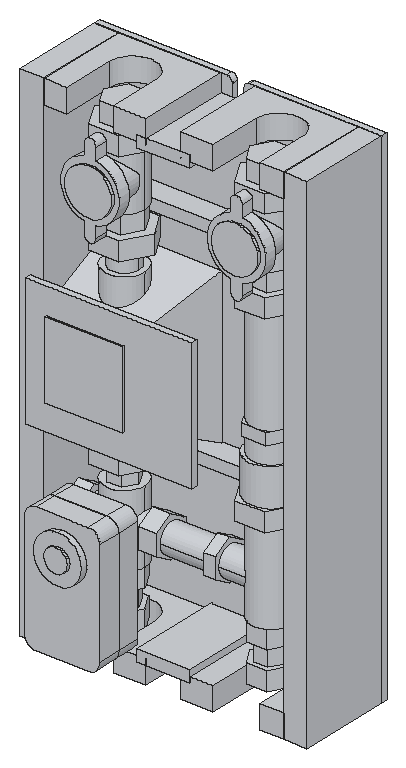
Revit family "330_07bb95a52da64398b10aec4dfd5bfb", category Mechanical Equipment, Revit 2022
Family settings
  Round Connector Dimension = Use Diameter
  Classification = None
  Part Type = Normal
  Work Plane-Based = No
  Always vertical = Yes
  Cut with Voids When Loaded = No
  Maintain Annotation Orientation = No
  Shared = No
  Room Calculation Point = No
Parameters (values of type "2176 1180E6")
  magiProductId = "07bb95a52da64398b10aec4dfd5bfb"
  magiProductFamilyId = "07bb95a52da64398b10aec4dfd5bfb"
  magiPartTypeId = 330
  XC = 62.5 mm
  WL = 225 mm
  W2L__ve = -W2L  # -80 mm
  W2L = 80 mm
  W2 = 85 mm
  W = 170 mm
  VersionID = "2.0/2019.5.23.1/FAR_2176_001"
  R25 = 25.5 mm
  R2 = 12.5 mm
  R15 = 17.5 mm
  R13 = 20.5 mm
  R1 = 12.5 mm
  QmdConnectorList = "301;P2;302;P2;303;P1;304;P1"
  Productdata [instance] = "© MagiCAD Group, all rights reserved"
  PL = 48.571 mm
  P2 = 25 mm
  P1 = 25 mm
  Manufacturer = "FAR"
  MC Shunt Valve Configuration = 0
  MC Shunt Control Valve Location = 0
  MC Product Code = "2176 1180E6"
  MC Primary Sizing Flow [instance] = 0.0 L/s
  MC Primary Given Pressure Drop [instance] = 0.0 Pa
  MC Piping Secondary Pressure Drop [instance] = 0.0 Pa
  MC Piping Secondary Flow [instance] = 0.0 L/s
  MC Piping Flow [instance] = 0.0 L/s
  MC Control Valve kv [instance] = 0
  MC Control Valve Pressure Drop [instance] = 0.0 Pa
  MC Balancing Valve kv [instance] = 0
  MC Balancing Valve Pressure Drop [instance] = 0.0 Pa
  MC Adjustable Valve kv for min dp [instance] = 0
  MC Adjustable Valve kv for max dp [instance] = 0
  MC Adjustable Valve Min Pressure Drop [instance] = 0.0 Pa
  MC Adjustable Valve Max Pressure Drop [instance] = 0.0 Pa
  LH92 = 24.111 mm
  LH9 = 48.222 mm
  LH62 = 31 mm
  LH61 = 94 mm
  LH6 = 62 mm
  LH48 = 141.778 mm
  LH44 = 111.778 mm
  LH42 = 65.889 mm
  LH4 = 131.778 mm
  L5 = 5 mm
  L45__ve = -L45  # -45 mm
  L45 = 45 mm
  L30 = 32 mm
  L22__ve = -L22  # -5 mm
  L222__ve = -L222  # -2 mm
  L222 = 2 mm
  L22 = 5 mm
  L20__ve = -L20  # -20 mm
  L20 = 20 mm
  L2 = 122.5 mm
  L15__ve = -L15  # -16 mm
  L15 = 16 mm
  L10__ve = -L10  # -10 mm
  L10 = 10 mm
  L = 245 mm
  KH = 15 mm
  H2 = 217 mm
  H = 434 mm
  Description = "Booster unit, mixing valve 3p.230V, pump 1-6m, valves, 180mm"
  Default Elevation = 0 mm
  CenSd_R25_6 = R25 * cos(30.00°)  # 22.084 mm
  CenSd_R1_6 = R1 * cos(30.00°)  # 10.825 mm
  CenSd_R15_6 = R15 * cos(30.00°)  # 15.155 mm
  CenSd_R13_6 = R13 * cos(30.00°)  # 17.754 mm
  CAT0 = yes
  CAT = no
Reference planes
  plane 1 "Center (Front/Back)": y = 0
  plane 2 "XYPLANE": z = 0
  plane 3 "Center (Left/Right)": x = 0
  plane 4 "399": z = 201
  plane 5 "386": y = -95
  plane 6 "382": x = -30.5
  plane 7 "381": x = -94.5
  plane 8 "379": z = -11
  plane 9 "376": z = -43
  plane 10 "373": y = -120
  plane 11 "372": x = 27.5
  plane 12 "369": x = -22.5
  plane 13 "368": x = -87.5
  plane 14 "358": y = -85
  plane 15 "350": z = -70
  plane 16 "347": z = 109.778
  plane 17 "342": x = 15
  plane 18 "341": x = 82.5
  plane 19 "340": x = 42.5
  plane 20 "339": x = 102.5
  plane 21 "331": y = -40
  plane 22 "330": y = -5
  plane 23 "329": y = -85
  plane 24 "328": x = -82.5
  plane 25 "327": x = -42.5
  plane 26 "326": x = -15
  plane 27 "325": x = -102.5
  plane 28 "323": x = 112.5
  plane 29 "319": y = -5
  plane 30 "318": x = -112.5
  plane 31 "314": z = -202
  plane 32 "312": z = -92
  plane 33 "311": z = -122
  plane 34 "304": x = 57.5
  plane 35 "303": x = 67.5
  plane 36 "296": y = -85
  plane 37 "290": z = 109.889
  plane 38 "289": z = 179.889
  plane 39 "288": z = 144.889
  plane 40 "287": x = -67.5
  plane 41 "286": x = -57.5
  plane 42 "285": z = 119.889
  plane 43 "284": z = 169.889
  plane 44 "281": y = -90
  plane 45 "277": x = -42.5
  plane 46 "274": y = -75
  plane 47 "272": z = 6.889
  plane 48 "271": y = -15
  plane 49 "243": z = 88.778
  plane 50 "240": z = 185
  plane 51 "239": z = 169
  plane 52 "238": z = 120.778
  plane 53 "231": z = 104.778
  plane 54 "228": z = 72.778
  plane 55 "225": z = -59
  plane 56 "222": z = -75
  plane 57 "219": z = -153
  plane 58 "216": z = -91
  plane 59 "215": z = -169
  plane 60 "210": z = -185
  plane 61 "207": z = -201
  plane 62 "202": x = -5
  plane 63 "201": x = 5
  plane 64 "200": x = 122.5
  plane 65 "199": z = -197
  plane 66 "198": z = 197
  plane 67 "126": y = -48.571
  plane 68 "121": x = 62.5
  plane 69 "116": x = -62.5
  plane 70 "84": z = -217
  plane 71 "83": z = 217
  plane 72 "82": x = -122.5
  plane 73 "43": y = 0
  plane 74 "42": x = 0
  plane 75 "41": z = 0
Forms (mm)
  Extrusion 1, solid
    sketch origin (750, -95, 0) x (-1, 0, 0) y (0, 0, 1)
      loop
        arc (790.5, -92) -> (783.429, -94.929) -> (780.5, -102) r 10
        line (780.5, -102) -> (780.5, -192)
        arc (780.5, -192) -> (783.429, -199.071) -> (790.5, -202) r 10
        line (790.5, -202) -> (834.5, -202)
        arc (834.5, -202) -> (841.571, -199.071) -> (844.5, -192) r 10
        line (844.5, -192) -> (844.5, -102)
        arc (844.5, -102) -> (841.571, -94.929) -> (834.5, -92) r 10
        line (834.5, -92) -> (790.5, -92)
    from 0 to -20 <- "L20__ve"
  Extrusion 2, solid
    sketch origin (750, -75, 0) x (-1, 0, 0) y (0, 0, 1)
      loop
        arc (790.5, -92) -> (783.429, -94.929) -> (780.5, -102) r 10
        line (780.5, -102) -> (780.5, -192)
        arc (780.5, -192) -> (783.429, -199.071) -> (790.5, -202) r 10
        line (790.5, -202) -> (834.5, -202)
        arc (834.5, -202) -> (841.571, -199.071) -> (844.5, -192) r 10
        line (844.5, -192) -> (844.5, -102)
        arc (844.5, -102) -> (841.571, -94.929) -> (834.5, -92) r 10
        line (834.5, -92) -> (790.5, -92)
    from 0 to -20 <- "L20__ve"
  Extrusion 3, solid
    sketch origin (-750, 0, -11) x (1, 0, 0) y (0, 1, 0)
      loop
        line (833, -48.571) -> (822.75, -30.818) -> (802.25, -30.818) -> (792, -48.571) -> (802.25, -66.325) -> (822.75, -66.325) -> (833, -48.571)
    from 0 to 10 <- "L10"
  Extrusion 4, solid
    sketch origin (750, -120, 0) x (-1, 0, 0) y (0, 0, 1)
      loop
        circle (812.5, -122) r 10
    from 0 to -2 <- "L222__ve"
  Extrusion 5, solid
    sketch origin (27.5, -750, 0) x (0, 1, 0) y (0, 0, 1)
      loop
        line (701.429, -104.5) -> (686.273, -113.25) -> (686.273, -130.75) -> (701.429, -139.5) -> (716.584, -130.75) -> (716.584, -113.25) -> (701.429, -104.5)
    from 0 to -10 <- "L10__ve"
  Extrusion 6, solid
    sketch origin (-22.5, -750, 0) x (0, 1, 0) y (0, 0, 1)
      loop
        line (701.429, -104.5) -> (686.273, -113.25) -> (686.273, -130.75) -> (701.429, -139.5) -> (716.584, -130.75) -> (716.584, -113.25) -> (701.429, -104.5)
    from 0 to -16 <- "L15__ve"
  Extrusion 7, solid
    sketch origin (-87.5, -750, 0) x (0, 1, 0) y (0, 0, 1)
      loop
        line (701.429, -104.5) -> (686.273, -113.25) -> (686.273, -130.75) -> (701.429, -139.5) -> (716.584, -130.75) -> (716.584, -113.25) -> (701.429, -104.5)
    from 0 to -16 <- "L15__ve"
  Extrusion 8, solid
    sketch origin (62.5, -750, 0) x (0, 1, 0) y (0, 0, 1)
      loop
        circle (701.429, -122) r 12.5
    from 0 to -150
  Extrusion 9, solid
    sketch origin (750, -75, 0) x (-1, 0, 0) y (0, 0, 1)
      loop
        circle (812.5, -122) r 20.5
    from 0 to -45 <- "L45__ve"
  Extrusion 10, solid
    sketch origin (750, -5, 0) x (-1, 0, 0) y (0, 0, 1)
      loop
        line (727.5, -192) -> (727.5, -202) -> (772.5, -202) -> (772.5, -192) -> (727.5, -192)
    from 0 to -80 <- "W2L__ve"
  Extrusion 11, solid
    sketch origin (750, -5, 0) x (-1, 0, 0) y (0, 0, 1)
      loop
        line (727.5, 202) -> (727.5, 192) -> (772.5, 192) -> (772.5, 202) -> (727.5, 202)
    from 0 to -80 <- "W2L__ve"
  Extrusion 12, solid
    sketch origin (750, -5, 0) x (-1, 0, 0) y (0, 0, 1)
      loop
        line (862.5, -65) -> (637.5, -65) -> (637.5, -75) -> (862.5, -75) -> (862.5, -65)
    from 0 to -20 <- "L20__ve"
  Extrusion 13, solid
    sketch origin (750, -5, 0) x (-1, 0, 0) y (0, 0, 1)
      loop
        line (862.5, 114.778) -> (637.5, 114.778) -> (637.5, 104.778) -> (862.5, 104.778) -> (862.5, 114.778)
    from 0 to -20 <- "L20__ve"
  Extrusion 14, solid
    sketch origin (-750, 0, -217) x (1, 0, 0) y (0, 1, 0)
      loop
        line (765, -5) -> (765, -85) -> (792.5, -85) -> (792.5, -40)
        arc (792.5, -40) -> (812.5, -20) -> (832.5, -40) r 20
        line (832.5, -40) -> (832.5, -85) -> (852.5, -85) -> (852.5, -5) -> (765, -5)
    from 0 to 20 <- "L20"
  Extrusion 15, solid
    sketch origin (-750, 0, 217) x (1, 0, 0) y (0, 1, 0)
      loop
        line (765, -5) -> (765, -85) -> (792.5, -85) -> (792.5, -40)
        arc (792.5, -40) -> (812.5, -20) -> (832.5, -40) r 20
        line (832.5, -40) -> (832.5, -85) -> (852.5, -85) -> (852.5, -5) -> (765, -5)
    from 0 to -20 <- "L20__ve"
  Extrusion 16, solid
    sketch origin (-750, 0, -217) x (1, 0, 0) y (0, 1, 0)
      loop
        line (647.5, -5) -> (647.5, -85) -> (667.5, -85) -> (667.5, -40)
        arc (667.5, -40) -> (687.5, -20) -> (707.5, -40) r 20
        line (707.5, -40) -> (707.5, -85) -> (735, -85) -> (735, -5) -> (647.5, -5)
    from 0 to 20 <- "L20"
  Extrusion 17, solid
    sketch origin (-750, 0, 217) x (1, 0, 0) y (0, 1, 0)
      loop
        line (647.5, -5) -> (647.5, -85) -> (667.5, -85) -> (667.5, -40)
        arc (667.5, -40) -> (687.5, -20) -> (707.5, -40) r 20
        line (707.5, -40) -> (707.5, -85) -> (735, -85) -> (735, -5) -> (647.5, -5)
    from 0 to -20 <- "L20__ve"
  Extrusion 18, solid
    sketch origin (750, -5, 0) x (-1, 0, 0) y (0, 0, 1)
      loop
        line (627.5, 217) -> (627.5, -217) -> (647.5, -217) -> (647.5, 217) -> (627.5, 217)
    from 0 to -80 <- "W2L__ve"
  Extrusion 19, solid
    sketch origin (750, -5, 0) x (-1, 0, 0) y (0, 0, 1)
      loop
        line (852.5, 217) -> (852.5, -217) -> (872.5, -217) -> (872.5, 217) -> (852.5, 217)
    from 0 to -80 <- "W2L__ve"
  Extrusion 20, solid
    sketch origin (750, -75, 0) x (-1, 0, 0) y (0, 0, 1)
      loop
        circle (812.5, -122) r 17.5
    from 0 to 20 <- "L20"
  Extrusion 21, solid
    sketch origin (750, -75, 0) x (-1, 0, 0) y (0, 0, 1)
      loop
        line (692.5, 109.889) -> (692.5, 119.889)
        arc (692.5, 119.889) -> (712.5, 144.889) -> (692.5, 169.889) r 25.625
        line (692.5, 169.889) -> (692.5, 179.889)
        arc (692.5, 179.889) -> (687.5, 184.889) -> (682.5, 179.889) r 5
        line (682.5, 179.889) -> (682.5, 169.889)
        arc (682.5, 169.889) -> (662.5, 144.889) -> (682.5, 119.889) r 25.625
        line (682.5, 119.889) -> (682.5, 109.889)
        arc (682.5, 109.889) -> (687.5, 104.889) -> (692.5, 109.889) r 5
    from 0 to -10 <- "L10__ve"
  Extrusion 22, solid
    sketch origin (750, -75, 0) x (-1, 0, 0) y (0, 0, 1)
      loop
        circle (687.5, 144.889) r 17.5
    from 0 to 20 <- "L20"
  Extrusion 23, solid
    sketch origin (750, -85, 0) x (-1, 0, 0) y (0, 0, 1)
      loop
        circle (687.5, 144.889) r 20
    from 0 to -2 <- "L222__ve"
  Extrusion 24, solid
    sketch origin (750, -85, 0) x (-1, 0, 0) y (0, 0, 1)
      loop
        circle (812.5, 144.889) r 20
    from 0 to -2 <- "L222__ve"
  Extrusion 25, solid
    sketch origin (750, -75, 0) x (-1, 0, 0) y (0, 0, 1)
      loop
        circle (812.5, 144.889) r 17.5
    from 0 to 20 <- "L20"
  Extrusion 26, solid
    sketch origin (750, -75, 0) x (-1, 0, 0) y (0, 0, 1)
      loop
        line (817.5, 109.889) -> (817.5, 119.889)
        arc (817.5, 119.889) -> (837.5, 144.889) -> (817.5, 169.889) r 25.625
        line (817.5, 169.889) -> (817.5, 179.889)
        arc (817.5, 179.889) -> (812.5, 184.889) -> (807.5, 179.889) r 5
        line (807.5, 179.889) -> (807.5, 169.889)
        arc (807.5, 169.889) -> (787.5, 144.889) -> (807.5, 119.889) r 25.625
        line (807.5, 119.889) -> (807.5, 109.889)
        arc (807.5, 109.889) -> (812.5, 104.889) -> (817.5, 109.889) r 5
    from 0 to -10 <- "L10__ve"
  Extrusion 27, solid
    sketch origin (750, -90, 0) x (-1, 0, 0) y (0, 0, 1)
      loop
        line (779.556, 39.833) -> (779.556, -26.056) -> (845.444, -26.056) -> (845.444, 39.833) -> (779.556, 39.833)
    from 0 to -2
  Extrusion 28, solid
    sketch origin (750, -85, 0) x (-1, 0, 0) y (0, 0, 1)
      loop
        line (721.611, 62.778) -> (721.611, -49) -> (863.389, -49) -> (863.389, 62.778) -> (721.611, 62.778)
    from 0 to -5 <- "L22__ve"
  Blend 29, solid
    base sketch origin (750, -15, 0) x (-1, 0, 0) y (0, 0, 1)
      loop
        line (756.611, 72.778) -> (756.611, -59) -> (868.389, -59) -> (868.389, 72.778) -> (756.611, 72.778)
    top sketch origin (750, -15, 0) x (-1, 0, 0) y (0, 0, 1)
      loop
        line (779.556, 39.833) -> (779.556, -26.056) -> (845.444, -26.056) -> (845.444, 39.833) -> (779.556, 39.833)
    from 0 to -70
  Extrusion 30, solid
    sketch origin (-750, 0, -201) x (1, 0, 0) y (0, 1, 0)
      loop
        line (830, -48.571) -> (821.25, -33.416) -> (803.75, -33.416) -> (795, -48.571) -> (803.75, -63.727) -> (821.25, -63.727) -> (830, -48.571)
    from 0 to 16 <- "L15"
  Extrusion 31, solid
    sketch origin (-750, 0, -185) x (1, 0, 0) y (0, 1, 0)
      loop
        line (825, -48.571) -> (818.75, -37.746) -> (806.25, -37.746) -> (800, -48.571) -> (806.25, -59.397) -> (818.75, -59.397) -> (825, -48.571)
    from 0 to 16 <- "L15"
  Extrusion 32, solid
    sketch origin (-750, 0, -169) x (1, 0, 0) y (0, 1, 0)
      loop
        line (830, -48.571) -> (821.25, -33.416) -> (803.75, -33.416) -> (795, -48.571) -> (803.75, -63.727) -> (821.25, -63.727) -> (830, -48.571)
    from 0 to 16 <- "L15"
  Extrusion 33, solid
    sketch origin (-750, 0, -153) x (1, 0, 0) y (0, 1, 0)
      loop
        circle (812.5, -48.571) r 17.5
    from 0 to 94 <- "LH61"
  Extrusion 34, solid
    sketch origin (-750, 0, -75) x (1, 0, 0) y (0, 1, 0)
      loop
        line (838, -48.571) -> (825.25, -26.488) -> (799.75, -26.488) -> (787, -48.571) -> (799.75, -70.655) -> (825.25, -70.655) -> (838, -48.571)
    from 0 to 16 <- "L15"
  Extrusion 35, solid
    sketch origin (-750, 0, -59) x (1, 0, 0) y (0, 1, 0)
      loop
        circle (812.5, -48.571) r 20.5
    from 0 to 32 <- "L30"
  Extrusion 36, solid
    sketch origin (-750, 0, 88.778) x (1, 0, 0) y (0, 1, 0)
      loop
        line (838, -48.571) -> (825.25, -26.488) -> (799.75, -26.488) -> (787, -48.571) -> (799.75, -70.655) -> (825.25, -70.655) -> (838, -48.571)
    from 0 to 16 <- "L15"
  Extrusion 37, solid
    sketch origin (-750, 0, 104.778) x (1, 0, 0) y (0, 1, 0)
      loop
        line (830, -48.571) -> (821.25, -33.416) -> (803.75, -33.416) -> (795, -48.571) -> (803.75, -63.727) -> (821.25, -63.727) -> (830, -48.571)
    from 0 to 16 <- "L15"
  Extrusion 38, solid
    sketch origin (-750, 0, 185) x (1, 0, 0) y (0, 1, 0)
      loop
        line (830, -48.571) -> (821.25, -33.416) -> (803.75, -33.416) -> (795, -48.571) -> (803.75, -63.727) -> (821.25, -63.727) -> (830, -48.571)
    from 0 to 16 <- "L15"
  Extrusion 39, solid
    sketch origin (-750, 0, 169) x (1, 0, 0) y (0, 1, 0)
      loop
        line (838, -48.571) -> (825.25, -26.488) -> (799.75, -26.488) -> (787, -48.571) -> (799.75, -70.655) -> (825.25, -70.655) -> (838, -48.571)
    from 0 to 16 <- "L15"
  Extrusion 40, solid
    sketch origin (-750, 0, 120.778) x (1, 0, 0) y (0, 1, 0)
      loop
        circle (812.5, -48.571) r 17.5
    from 0 to 48.222 <- "LH9"
  Extrusion 41, solid
    sketch origin (-750, 0, -43) x (1, 0, 0) y (0, 1, 0)
      loop
        circle (812.5, -48.571) r 17.5
    from 0 to 131.778 <- "LH4"
  Extrusion 42, solid
    sketch origin (-750, 0, 72.778) x (1, 0, 0) y (0, 1, 0)
      loop
        circle (687.5, -48.571) r 12.5
    from 0 to 16 <- "L15"
  Extrusion 43, solid
    sketch origin (-750, 0, 120.778) x (1, 0, 0) y (0, 1, 0)
      loop
        circle (687.5, -48.571) r 17.5
    from 0 to 48.222 <- "LH9"
  Extrusion 44, solid
    sketch origin (-750, 0, 169) x (1, 0, 0) y (0, 1, 0)
      loop
        line (713, -48.571) -> (700.25, -26.488) -> (674.75, -26.488) -> (662, -48.571) -> (674.75, -70.655) -> (700.25, -70.655) -> (713, -48.571)
    from 0 to 16 <- "L15"
  Extrusion 45, solid
    sketch origin (-750, 0, 185) x (1, 0, 0) y (0, 1, 0)
      loop
        line (705, -48.571) -> (696.25, -33.416) -> (678.75, -33.416) -> (670, -48.571) -> (678.75, -63.727) -> (696.25, -63.727) -> (705, -48.571)
    from 0 to 16 <- "L15"
  Extrusion 46, solid
    sketch origin (-750, 0, 104.778) x (1, 0, 0) y (0, 1, 0)
      loop
        line (705, -48.571) -> (696.25, -33.416) -> (678.75, -33.416) -> (670, -48.571) -> (678.75, -63.727) -> (696.25, -63.727) -> (705, -48.571)
    from 0 to 16 <- "L15"
  Extrusion 47, solid
    sketch origin (-750, 0, 88.778) x (1, 0, 0) y (0, 1, 0)
      loop
        line (713, -48.571) -> (700.25, -26.488) -> (674.75, -26.488) -> (662, -48.571) -> (674.75, -70.655) -> (700.25, -70.655) -> (713, -48.571)
    from 0 to 16 <- "L15"
  Extrusion 48, solid
    sketch origin (-750, 0, -59) x (1, 0, 0) y (0, 1, 0)
      loop
        circle (687.5, -48.571) r 17.5
    from 0 to 131.778 <- "LH4"
  Extrusion 49, solid
    sketch origin (-750, 0, -75) x (1, 0, 0) y (0, 1, 0)
      loop
        line (713, -48.571) -> (700.25, -26.488) -> (674.75, -26.488) -> (662, -48.571) -> (674.75, -70.655) -> (700.25, -70.655) -> (713, -48.571)
    from 0 to 16 <- "L15"
  Extrusion 50, solid
    sketch origin (-750, 0, -91) x (1, 0, 0) y (0, 1, 0)
      loop
        line (700, -48.571) -> (693.75, -37.746) -> (681.25, -37.746) -> (675, -48.571) -> (681.25, -59.397) -> (693.75, -59.397) -> (700, -48.571)
    from 0 to 16 <- "L15"
  Extrusion 51, solid
    sketch origin (-750, 0, -153) x (1, 0, 0) y (0, 1, 0)
      loop
        circle (687.5, -48.571) r 17.5
    from 0 to 62 <- "LH6"
  Extrusion 52, solid
    sketch origin (-750, 0, -169) x (1, 0, 0) y (0, 1, 0)
      loop
        line (705, -48.571) -> (696.25, -33.416) -> (678.75, -33.416) -> (670, -48.571) -> (678.75, -63.727) -> (696.25, -63.727) -> (705, -48.571)
    from 0 to 16 <- "L15"
  Extrusion 53, solid
    sketch origin (-750, 0, -185) x (1, 0, 0) y (0, 1, 0)
      loop
        line (700, -48.571) -> (693.75, -37.746) -> (681.25, -37.746) -> (675, -48.571) -> (681.25, -59.397) -> (693.75, -59.397) -> (700, -48.571)
    from 0 to 16 <- "L15"
  Extrusion 54, solid
    sketch origin (-750, 0, -201) x (1, 0, 0) y (0, 1, 0)
      loop
        line (705, -48.571) -> (696.25, -33.416) -> (678.75, -33.416) -> (670, -48.571) -> (678.75, -63.727) -> (696.25, -63.727) -> (705, -48.571)
    from 0 to 16 <- "L15"
  Extrusion 55, solid
    sketch origin (750, 0, 0) x (-1, 0, 0) y (0, 0, 1)
      loop
        line (872.5, 217) -> (760, 217)
        arc (760, 217) -> (756.464, 215.536) -> (755, 212) r 5
        line (755, 212) -> (755, 197) -> (745, 197) -> (745, 212)
        arc (745, 212) -> (743.536, 215.536) -> (740, 217) r 5
        line (740, 217) -> (627.5, 217) -> (627.5, -217) -> (740, -217)
        arc (740, -217) -> (743.536, -215.536) -> (745, -212) r 5
        line (745, -212) -> (745, -197) -> (755, -197) -> (755, -212)
        arc (755, -212) -> (756.464, -215.536) -> (760, -217) r 5
        line (760, -217) -> (872.5, -217) -> (872.5, 217)
    from 0 to -5 <- "L22__ve"
  Extrusion 56, solid, not visible
    sketch origin (-750, 0, -201) x (1, 0, 0) y (0, 1, 0)
      loop
        circle (812.5, -48.571) r 10
    from 0 to 10
  Extrusion 57, solid, not visible
    sketch origin (-750, 0, -201) x (1, 0, 0) y (0, 1, 0)
      loop
        circle (687.5, -48.571) r 10
    from 0 to 10
  Extrusion 58, solid, not visible
    sketch origin (-750, 0, 201) x (1, 0, 0) y (0, 1, 0)
      loop
        circle (812.5, -48.571) r 10
    from 0 to -10
  Extrusion 59, solid, not visible
    sketch origin (-750, 0, 201) x (1, 0, 0) y (0, 1, 0)
      loop
        circle (687.5, -48.571) r 10
    from 0 to -10
Lines and regions (mm)
  reference lines, not visible
    curve 1: circle (2, 2, 0) r 1 normal (0, 0, 1)
  reference lines
    curve 2: line (62.5, -48.571, -11) -> (57.375, -39.695, -11)
    curve 3: line (62.5, -48.571, -11) -> (52.25, -48.571, -11)
    curve 4: line (62.5, -48.571, -11) -> (57.375, -57.448, -11)
    curve 5: line (27.5, -48.571, -122) -> (27.5, -40.994, -126.375)
    curve 6: line (27.5, -48.571, -122) -> (27.5, -48.571, -130.75)
    curve 7: line (27.5, -48.571, -122) -> (27.5, -56.149, -126.375)
    curve 8: line (-22.5, -48.571, -122) -> (-22.5, -40.994, -126.375)
    curve 9: line (-22.5, -48.571, -122) -> (-22.5, -48.571, -130.75)
    curve 10: line (-22.5, -48.571, -122) -> (-22.5, -56.149, -126.375)
    curve 11: line (-87.5, -48.571, -122) -> (-87.5, -40.994, -126.375)
    curve 12: line (-87.5, -48.571, -122) -> (-87.5, -48.571, -130.75)
    curve 13: line (-87.5, -48.571, -122) -> (-87.5, -56.149, -126.375)
    curve 14: circle (0, -5, -197) r 1 normal (0, -1, 0)
    curve 15: circle (0, -5, 197) r 1 normal (0, -1, 0)
    curve 16: circle (0, -5, -70) r 1 normal (0, -1, 0)
    curve 17: circle (0, -5, 109.778) r 1 normal (0, -1, 0)
    curve 18: line (82.5, -40, -217) -> (42.5, -40, -217)
    curve 19: line (82.5, -40, 217) -> (42.5, -40, 217)
    curve 20: line (-42.5, -40, -217) -> (-82.5, -40, -217)
    curve 21: line (-42.5, -40, 217) -> (-82.5, -40, 217)
    curve 22: circle (112.5, -5, 0) r 1 normal (0, -1, 0)
    curve 23: circle (-112.5, -5, 0) r 1 normal (0, -1, 0)
    curve 24: line (57.5, -75, 109.889) -> (67.5, -75, 109.889)
    curve 25: line (67.5, -75, 119.889) -> (67.5, -75, 169.889)
    curve 26: line (67.5, -75, 179.889) -> (57.5, -75, 179.889)
    curve 27: line (57.5, -75, 169.889) -> (57.5, -75, 119.889)
    curve 28: line (-67.5, -75, 109.889) -> (-57.5, -75, 109.889)
    curve 29: line (-57.5, -75, 119.889) -> (-57.5, -75, 169.889)
    curve 30: line (-57.5, -75, 179.889) -> (-67.5, -75, 179.889)
    curve 31: line (-67.5, -75, 169.889) -> (-67.5, -75, 119.889)
    curve 32: circle (-62.5, -90, 6.889) r 1 normal (0, -1, 0)
    curve 33: circle (-42.5, -85, 6.889) r 1 normal (0, -1, 0)
    curve 34: circle (-62.5, -15, 6.889) r 1 normal (0, 1, 0)
    curve 35: circle (-62.5, -15, 6.889) r 1 normal (0, -1, 0)
    curve 36: line (62.5, -48.571, -201) -> (58.125, -40.994, -201)
    curve 37: line (62.5, -48.571, -201) -> (53.75, -48.571, -201)
    curve 38: line (62.5, -48.571, -201) -> (58.125, -56.149, -201)
    curve 39: line (62.5, -48.571, -185) -> (59.375, -43.159, -185)
    curve 40: line (62.5, -48.571, -185) -> (56.25, -48.571, -185)
    curve 41: line (62.5, -48.571, -185) -> (59.375, -53.984, -185)
    curve 42: line (62.5, -48.571, -169) -> (58.125, -40.994, -169)
    curve 43: line (62.5, -48.571, -169) -> (53.75, -48.571, -169)
    curve 44: line (62.5, -48.571, -169) -> (58.125, -56.149, -169)
    curve 45: line (62.5, -48.571, -75) -> (56.125, -37.53, -75)
    curve 46: line (62.5, -48.571, -75) -> (49.75, -48.571, -75)
    curve 47: line (62.5, -48.571, -75) -> (56.125, -59.613, -75)
    curve 48: line (62.5, -48.571, 88.778) -> (56.125, -37.53, 88.778)
    curve 49: line (62.5, -48.571, 88.778) -> (49.75, -48.571, 88.778)
    curve 50: line (62.5, -48.571, 88.778) -> (56.125, -59.613, 88.778)
    curve 51: line (62.5, -48.571, 104.778) -> (58.125, -40.994, 104.778)
    curve 52: line (62.5, -48.571, 104.778) -> (53.75, -48.571, 104.778)
    curve 53: line (62.5, -48.571, 104.778) -> (58.125, -56.149, 104.778)
    curve 54: line (62.5, -48.571, 185) -> (58.125, -40.994, 185)
    curve 55: line (62.5, -48.571, 185) -> (53.75, -48.571, 185)
    curve 56: line (62.5, -48.571, 185) -> (58.125, -56.149, 185)
    curve 57: line (62.5, -48.571, 169) -> (56.125, -37.53, 169)
    curve 58: line (62.5, -48.571, 169) -> (49.75, -48.571, 169)
    curve 59: line (62.5, -48.571, 169) -> (56.125, -59.613, 169)
    curve 60: line (-62.5, -48.571, 169) -> (-68.875, -37.53, 169)
    curve 61: line (-62.5, -48.571, 169) -> (-75.25, -48.571, 169)
    curve 62: line (-62.5, -48.571, 169) -> (-68.875, -59.613, 169)
    curve 63: line (-62.5, -48.571, 185) -> (-66.875, -40.994, 185)
    curve 64: line (-62.5, -48.571, 185) -> (-71.25, -48.571, 185)
    curve 65: line (-62.5, -48.571, 185) -> (-66.875, -56.149, 185)
    curve 66: line (-62.5, -48.571, 104.778) -> (-66.875, -40.994, 104.778)
    curve 67: line (-62.5, -48.571, 104.778) -> (-71.25, -48.571, 104.778)
    curve 68: line (-62.5, -48.571, 104.778) -> (-66.875, -56.149, 104.778)
    curve 69: line (-62.5, -48.571, 88.778) -> (-68.875, -37.53, 88.778)
    curve 70: line (-62.5, -48.571, 88.778) -> (-75.25, -48.571, 88.778)
    curve 71: line (-62.5, -48.571, 88.778) -> (-68.875, -59.613, 88.778)
    curve 72: line (-62.5, -48.571, -75) -> (-68.875, -37.53, -75)
    curve 73: line (-62.5, -48.571, -75) -> (-75.25, -48.571, -75)
    curve 74: line (-62.5, -48.571, -75) -> (-68.875, -59.613, -75)
    curve 75: line (-62.5, -48.571, -91) -> (-65.625, -43.159, -91)
    curve 76: line (-62.5, -48.571, -91) -> (-68.75, -48.571, -91)
    curve 77: line (-62.5, -48.571, -91) -> (-65.625, -53.984, -91)
    curve 78: line (-62.5, -48.571, -169) -> (-66.875, -40.994, -169)
    curve 79: line (-62.5, -48.571, -169) -> (-71.25, -48.571, -169)
    curve 80: line (-62.5, -48.571, -169) -> (-66.875, -56.149, -169)
    curve 81: line (-62.5, -48.571, -185) -> (-65.625, -43.159, -185)
    curve 82: line (-62.5, -48.571, -185) -> (-68.75, -48.571, -185)
    curve 83: line (-62.5, -48.571, -185) -> (-65.625, -53.984, -185)
    curve 84: line (-62.5, -48.571, -201) -> (-66.875, -40.994, -201)
    curve 85: line (-62.5, -48.571, -201) -> (-71.25, -48.571, -201)
    curve 86: line (-62.5, -48.571, -201) -> (-66.875, -56.149, -201)
Dimensions and locks
  plane 1 "Center (Front/Back)" to curve 1 = 2 mm
  "L15": plane 50 "240" to plane 4 "399"
  "L20": plane 46 "274" to plane 5 "386"
  "L30": plane 69 "116" to plane 6 "382"
  "L30": plane 69 "116" to plane 7 "381"
  "L30": plane 9 "376" to plane 8 "379"
  "L15": plane 55 "225" to plane 9 "376"
  "L45": plane 46 "274" to plane 10 "373"
  locked: plane 12 "369" to plane 11 "372" at 50
  locked: plane 13 "368" to plane 12 "369" at 65
  locked: plane 68 "121" to plane 13 "368" at 150
  locked: plane 48 "271" to plane 14 "358" at 70
  "L5": plane 56 "222" to plane 15 "350"
  "L5": plane 53 "231" to plane 16 "347"
  "L10": plane 63 "201" to plane 17 "342"
  "L20": plane 68 "121" to plane 18 "341"
  "L20": plane 68 "121" to plane 19 "340"
  "L10": plane 28 "323" to plane 20 "339"
  "L45": plane 23 "329" to plane 21 "331"
  "L22": plane 73 "43" to plane 22 "330"
  "W2L": plane 22 "330" to plane 23 "329"
  "L20": plane 69 "116" to plane 24 "328"
  "L20": plane 69 "116" to plane 25 "327"
  "L10": plane 62 "202" to plane 26 "326"
  "L10": plane 30 "318" to plane 27 "325"
  "L10": plane 64 "200" to plane 28 "323"
  "L22": plane 73 "43" to plane 29 "319"
  "L10": plane 72 "82" to plane 30 "318"
  locked: plane 33 "311" to plane 31 "314" at 80
  locked: plane 33 "311" to plane 32 "312" at 30
  "LH62": plane 57 "219" to plane 33 "311"
  locked: plane 68 "121" to plane 34 "304" at 5
  locked: plane 68 "121" to plane 35 "303" at 5
  "L10": plane 46 "274" to plane 36 "296"
  "L10": plane 42 "285" to plane 37 "290"
  locked: plane 43 "284" to plane 38 "289" at 10
  "LH92": plane 52 "238" to plane 39 "288"
  locked: plane 69 "116" to plane 40 "287" at 5
  locked: plane 69 "116" to plane 41 "286" at 5
  locked: plane 39 "288" to plane 42 "285" at 25
  locked: plane 39 "288" to plane 43 "284" at 25
  "L22": plane 14 "358" to plane 44 "281"
  locked: plane 69 "116" to plane 45 "277" at 20
  locked: plane 48 "271" to plane 46 "274" at 60
  "LH42": plane 55 "225" to plane 47 "272"
  locked: plane 1 "Center (Front/Back)" to plane 48 "271" at 15
  "L15": plane 54 "228" to plane 49 "243"
  "L15": plane 51 "239" to plane 50 "240"
  "LH9": plane 52 "238" to plane 51 "239"
  "L15": plane 53 "231" to plane 52 "238"
  "L15": plane 49 "243" to plane 53 "231"
  "LH4": plane 55 "225" to plane 54 "228"
  "L15": plane 56 "222" to plane 55 "225"
  "L15": plane 58 "216" to plane 56 "222"
  "L15": plane 59 "215" to plane 57 "219"
  "LH6": plane 57 "219" to plane 58 "216"
  "L15": plane 60 "210" to plane 59 "215"
  "L15": plane 61 "207" to plane 60 "210"
  "L15": plane 70 "84" to plane 61 "207"
  "L5": plane 3 "Center (Left/Right)" to plane 62 "202"
  "L5": plane 3 "Center (Left/Right)" to plane 63 "201"
  "L2": plane 3 "Center (Left/Right)" to plane 64 "200"
  locked: plane 70 "84" to plane 65 "199" at 20
  locked: plane 71 "83" to plane 66 "198" at 20
  "PL": plane 1 "Center (Front/Back)" to plane 67 "126"
  "XC": plane 3 "Center (Left/Right)" to plane 68 "121"
  "XC": plane 3 "Center (Left/Right)" to plane 69 "116"
  "H2": plane 2 "XYPLANE" to plane 70 "84"
  "H2": plane 2 "XYPLANE" to plane 71 "83"
  "L2": plane 3 "Center (Left/Right)" to plane 72 "82"
  locked: plane 1 "Center (Front/Back)" to plane 73 "43"
  locked: plane 3 "Center (Left/Right)" to plane 74 "42"
  locked: plane 2 "XYPLANE" to plane 75 "41"
  Extrusion 1 sketch curve to Extrusion 1 sketch curve = 0 mm  (x16)
  Extrusion 2 sketch curve to Extrusion 2 sketch curve = 0 mm  (x16)
  "CenSd_R13_6": curve 2 to Extrusion 3 sketch curve  (x2)
  "CenSd_R13_6": curve 3 to Extrusion 3 sketch curve  (x2)
  "CenSd_R13_6": curve 4 to Extrusion 3 sketch curve  (x2)
  Extrusion 3 sketch curve to Extrusion 3 sketch curve = 0 mm  (x12)
  "CenSd_R15_6": curve 5 to Extrusion 5 sketch curve  (x2)
  "CenSd_R15_6": curve 6 to Extrusion 5 sketch curve  (x2)
  "CenSd_R15_6": curve 7 to Extrusion 5 sketch curve  (x2)
  Extrusion 5 sketch curve to Extrusion 5 sketch curve = 0 mm  (x12)
  "CenSd_R15_6": curve 8 to Extrusion 6 sketch curve  (x2)
  "CenSd_R15_6": curve 9 to Extrusion 6 sketch curve  (x2)
  "CenSd_R15_6": curve 10 to Extrusion 6 sketch curve  (x2)
  Extrusion 6 sketch curve to Extrusion 6 sketch curve = 0 mm  (x12)
  "CenSd_R15_6": curve 11 to Extrusion 7 sketch curve  (x2)
  "CenSd_R15_6": curve 12 to Extrusion 7 sketch curve  (x2)
  "CenSd_R15_6": curve 13 to Extrusion 7 sketch curve  (x2)
  Extrusion 7 sketch curve to Extrusion 7 sketch curve = 0 mm  (x12)
  equal spacing: Extrusion 10 sketch curve, curve 14, Extrusion 10 sketch curve  (x2)
  "L10": Extrusion 10 sketch curve to Extrusion 10 sketch curve
  "L45": Extrusion 10 sketch curve to Extrusion 10 sketch curve
  Extrusion 10 sketch curve to Extrusion 10 sketch curve = 0 mm  (x8)
  equal spacing: Extrusion 11 sketch curve, curve 15, Extrusion 11 sketch curve  (x2)
  "L10": Extrusion 11 sketch curve to Extrusion 11 sketch curve
  "L45": Extrusion 11 sketch curve to Extrusion 11 sketch curve
  Extrusion 11 sketch curve to Extrusion 11 sketch curve = 0 mm  (x8)
  equal spacing: Extrusion 12 sketch curve, curve 16, Extrusion 12 sketch curve  (x2)
  "WL": Extrusion 12 sketch curve to Extrusion 12 sketch curve
  "L10": Extrusion 12 sketch curve to Extrusion 12 sketch curve
  Extrusion 12 sketch curve to Extrusion 12 sketch curve = 0 mm  (x8)
  equal spacing: Extrusion 13 sketch curve, curve 17, Extrusion 13 sketch curve  (x2)
  "WL": Extrusion 13 sketch curve to Extrusion 13 sketch curve
  "L10": Extrusion 13 sketch curve to Extrusion 13 sketch curve
  Extrusion 13 sketch curve to Extrusion 13 sketch curve = 0 mm  (x8)
  "L20": curve 18 to Extrusion 14 sketch curve
  Extrusion 14 sketch curve to Extrusion 14 sketch curve = 0 mm  (x16)
  "L20": curve 19 to Extrusion 15 sketch curve
  Extrusion 15 sketch curve to Extrusion 15 sketch curve = 0 mm  (x16)
  "L20": curve 20 to Extrusion 16 sketch curve
  Extrusion 16 sketch curve to Extrusion 16 sketch curve = 0 mm  (x16)
  "L20": curve 21 to Extrusion 17 sketch curve
  Extrusion 17 sketch curve to Extrusion 17 sketch curve = 0 mm  (x16)
  equal spacing: Extrusion 18 sketch curve, curve 22, Extrusion 18 sketch curve  (x2)
  "H": Extrusion 18 sketch curve to Extrusion 18 sketch curve
  "L20": Extrusion 18 sketch curve to Extrusion 18 sketch curve
  Extrusion 18 sketch curve to Extrusion 18 sketch curve = 0 mm  (x8)
  equal spacing: Extrusion 19 sketch curve, curve 23, Extrusion 19 sketch curve  (x2)
  "H": Extrusion 19 sketch curve to Extrusion 19 sketch curve
  "L20": Extrusion 19 sketch curve to Extrusion 19 sketch curve
  Extrusion 19 sketch curve to Extrusion 19 sketch curve = 0 mm  (x8)
  "L5": curve 24 to Extrusion 21 sketch curve
  "L20": curve 25 to Extrusion 21 sketch curve
  "L5": curve 26 to Extrusion 21 sketch curve
  "L20": curve 27 to Extrusion 21 sketch curve
  Extrusion 21 sketch curve to Extrusion 21 sketch curve = 0 mm  (x16)
  "L5": curve 28 to Extrusion 26 sketch curve
  "L20": curve 29 to Extrusion 26 sketch curve
  "L5": curve 30 to Extrusion 26 sketch curve
  "L20": curve 31 to Extrusion 26 sketch curve
  Extrusion 26 sketch curve to Extrusion 26 sketch curve = 0 mm  (x16)
  equal spacing: Extrusion 27 sketch curve, curve 32, Extrusion 27 sketch curve  (x2)
  "LH42": Extrusion 27 sketch curve to Extrusion 27 sketch curve  (x2)
  Extrusion 27 sketch curve to Extrusion 27 sketch curve = 0 mm  (x8)
  equal spacing: Extrusion 28 sketch curve, curve 33, Extrusion 28 sketch curve  (x2)
  "LH44": Extrusion 28 sketch curve to Extrusion 28 sketch curve
  "LH48": Extrusion 28 sketch curve to Extrusion 28 sketch curve
  Extrusion 28 sketch curve to Extrusion 28 sketch curve = 0 mm  (x8)
  equal spacing: Blend 29 sketch curve, curve 34, Blend 29 sketch curve  (x2)
  "LH42": Blend 29 sketch curve to Blend 29 sketch curve  (x2)
  Blend 29 sketch curve to Blend 29 sketch curve = 0 mm  (x16)
  equal spacing: Blend 29 sketch curve, curve 35, Blend 29 sketch curve  (x2)
  "LH4": Blend 29 sketch curve to Blend 29 sketch curve
  "LH44": Blend 29 sketch curve to Blend 29 sketch curve
  "CenSd_R15_6": curve 36 to Extrusion 30 sketch curve  (x2)
  "CenSd_R15_6": curve 37 to Extrusion 30 sketch curve  (x2)
  "CenSd_R15_6": curve 38 to Extrusion 30 sketch curve  (x2)
  Extrusion 30 sketch curve to Extrusion 30 sketch curve = 0 mm  (x12)
  "CenSd_R1_6": curve 39 to Extrusion 31 sketch curve  (x2)
  "CenSd_R1_6": curve 40 to Extrusion 31 sketch curve  (x2)
  "CenSd_R1_6": curve 41 to Extrusion 31 sketch curve  (x2)
  Extrusion 31 sketch curve to Extrusion 31 sketch curve = 0 mm  (x12)
  "CenSd_R15_6": curve 42 to Extrusion 32 sketch curve  (x2)
  "CenSd_R15_6": curve 43 to Extrusion 32 sketch curve  (x2)
  "CenSd_R15_6": curve 44 to Extrusion 32 sketch curve  (x2)
  Extrusion 32 sketch curve to Extrusion 32 sketch curve = 0 mm  (x12)
  "CenSd_R25_6": curve 45 to Extrusion 34 sketch curve  (x2)
  "CenSd_R25_6": curve 46 to Extrusion 34 sketch curve  (x2)
  "CenSd_R25_6": curve 47 to Extrusion 34 sketch curve  (x2)
  Extrusion 34 sketch curve to Extrusion 34 sketch curve = 0 mm  (x12)
  "CenSd_R25_6": curve 48 to Extrusion 36 sketch curve  (x2)
  "CenSd_R25_6": curve 49 to Extrusion 36 sketch curve  (x2)
  "CenSd_R25_6": curve 50 to Extrusion 36 sketch curve  (x2)
  Extrusion 36 sketch curve to Extrusion 36 sketch curve = 0 mm  (x12)
  "CenSd_R15_6": curve 51 to Extrusion 37 sketch curve  (x2)
  "CenSd_R15_6": curve 52 to Extrusion 37 sketch curve  (x2)
  "CenSd_R15_6": curve 53 to Extrusion 37 sketch curve  (x2)
  Extrusion 37 sketch curve to Extrusion 37 sketch curve = 0 mm  (x12)
  "CenSd_R15_6": curve 54 to Extrusion 38 sketch curve  (x2)
  "CenSd_R15_6": curve 55 to Extrusion 38 sketch curve  (x2)
  "CenSd_R15_6": curve 56 to Extrusion 38 sketch curve  (x2)
  Extrusion 38 sketch curve to Extrusion 38 sketch curve = 0 mm  (x12)
  "CenSd_R25_6": curve 57 to Extrusion 39 sketch curve  (x2)
  "CenSd_R25_6": curve 58 to Extrusion 39 sketch curve  (x2)
  "CenSd_R25_6": curve 59 to Extrusion 39 sketch curve  (x2)
  Extrusion 39 sketch curve to Extrusion 39 sketch curve = 0 mm  (x12)
  "CenSd_R25_6": curve 60 to Extrusion 44 sketch curve  (x2)
  "CenSd_R25_6": curve 61 to Extrusion 44 sketch curve  (x2)
  "CenSd_R25_6": curve 62 to Extrusion 44 sketch curve  (x2)
  Extrusion 44 sketch curve to Extrusion 44 sketch curve = 0 mm  (x12)
  "CenSd_R15_6": curve 63 to Extrusion 45 sketch curve  (x2)
  "CenSd_R15_6": curve 64 to Extrusion 45 sketch curve  (x2)
  "CenSd_R15_6": curve 65 to Extrusion 45 sketch curve  (x2)
  Extrusion 45 sketch curve to Extrusion 45 sketch curve = 0 mm  (x12)
  "CenSd_R15_6": curve 66 to Extrusion 46 sketch curve  (x2)
  "CenSd_R15_6": curve 67 to Extrusion 46 sketch curve  (x2)
  "CenSd_R15_6": curve 68 to Extrusion 46 sketch curve  (x2)
  Extrusion 46 sketch curve to Extrusion 46 sketch curve = 0 mm  (x12)
  "CenSd_R25_6": curve 69 to Extrusion 47 sketch curve  (x2)
  "CenSd_R25_6": curve 70 to Extrusion 47 sketch curve  (x2)
  "CenSd_R25_6": curve 71 to Extrusion 47 sketch curve  (x2)
  Extrusion 47 sketch curve to Extrusion 47 sketch curve = 0 mm  (x12)
  "CenSd_R25_6": curve 72 to Extrusion 49 sketch curve  (x2)
  "CenSd_R25_6": curve 73 to Extrusion 49 sketch curve  (x2)
  "CenSd_R25_6": curve 74 to Extrusion 49 sketch curve  (x2)
  Extrusion 49 sketch curve to Extrusion 49 sketch curve = 0 mm  (x12)
  "CenSd_R1_6": curve 75 to Extrusion 50 sketch curve  (x2)
  "CenSd_R1_6": curve 76 to Extrusion 50 sketch curve  (x2)
  "CenSd_R1_6": curve 77 to Extrusion 50 sketch curve  (x2)
  Extrusion 50 sketch curve to Extrusion 50 sketch curve = 0 mm  (x12)
  "CenSd_R15_6": curve 78 to Extrusion 52 sketch curve  (x2)
  "CenSd_R15_6": curve 79 to Extrusion 52 sketch curve  (x2)
  "CenSd_R15_6": curve 80 to Extrusion 52 sketch curve  (x2)
  Extrusion 52 sketch curve to Extrusion 52 sketch curve = 0 mm  (x12)
  "CenSd_R1_6": curve 81 to Extrusion 53 sketch curve  (x2)
  "CenSd_R1_6": curve 82 to Extrusion 53 sketch curve  (x2)
  "CenSd_R1_6": curve 83 to Extrusion 53 sketch curve  (x2)
  Extrusion 53 sketch curve to Extrusion 53 sketch curve = 0 mm  (x12)
  "CenSd_R15_6": curve 84 to Extrusion 54 sketch curve  (x2)
  "CenSd_R15_6": curve 85 to Extrusion 54 sketch curve  (x2)
  "CenSd_R15_6": curve 86 to Extrusion 54 sketch curve  (x2)
  Extrusion 54 sketch curve to Extrusion 54 sketch curve = 0 mm  (x12)
  Extrusion 55 sketch curve to Extrusion 55 sketch curve = 0 mm  (x32)
  "L10": radius of Extrusion 1 sketch curve  (x4)
  "L10": radius of Extrusion 2 sketch curve  (x4)
  "L10": radius of Extrusion 4 sketch curve
  "R1": radius of Extrusion 8 sketch curve
  "R13": radius of Extrusion 9 sketch curve
  "R15": radius of Extrusion 20 sketch curve
  "R15": radius of Extrusion 22 sketch curve
  "L20": radius of Extrusion 23 sketch curve
  "L20": radius of Extrusion 24 sketch curve
  "R15": radius of Extrusion 25 sketch curve
  "R15": radius of Extrusion 33 sketch curve
  "R13": radius of Extrusion 35 sketch curve
  "R15": radius of Extrusion 40 sketch curve
  "R15": radius of Extrusion 41 sketch curve
  "R1": radius of Extrusion 42 sketch curve
  "R15": radius of Extrusion 43 sketch curve
  "R15": radius of Extrusion 48 sketch curve
  "R15": radius of Extrusion 51 sketch curve
  "L5": radius of Extrusion 55 sketch curve  (x4)
  locked: curve 3 to curve 2 (angle 60.00°)
  locked: curve 4 to curve 3 (angle 60.00°)
  locked: curve 4 to curve 2 (angle 120.00°)
  locked: curve 6 to curve 5 (angle 60.00°)
  locked: curve 7 to curve 6 (angle 60.00°)
  locked: curve 7 to curve 5 (angle 120.00°)
  locked: curve 9 to curve 8 (angle 60.00°)
  locked: curve 10 to curve 9 (angle 60.00°)
  locked: curve 10 to curve 8 (angle 120.00°)
  locked: curve 12 to curve 11 (angle 60.00°)
  locked: curve 13 to curve 12 (angle 60.00°)
  locked: curve 13 to curve 11 (angle 120.00°)
  locked: curve 37 to curve 36 (angle 60.00°)
  locked: curve 38 to curve 37 (angle 60.00°)
  locked: curve 38 to curve 36 (angle 120.00°)
  locked: curve 40 to curve 39 (angle 60.00°)
  locked: curve 41 to curve 40 (angle 60.00°)
  locked: curve 41 to curve 39 (angle 120.00°)
  locked: curve 43 to curve 42 (angle 60.00°)
  locked: curve 44 to curve 43 (angle 60.00°)
  locked: curve 44 to curve 42 (angle 120.00°)
  locked: curve 46 to curve 45 (angle 60.00°)
  locked: curve 47 to curve 46 (angle 60.00°)
  locked: curve 47 to curve 45 (angle 120.00°)
  locked: curve 49 to curve 48 (angle 60.00°)
  locked: curve 50 to curve 49 (angle 60.00°)
  locked: curve 50 to curve 48 (angle 120.00°)
  locked: curve 52 to curve 51 (angle 60.00°)
  locked: curve 53 to curve 52 (angle 60.00°)
  locked: curve 53 to curve 51 (angle 120.00°)
  locked: curve 55 to curve 54 (angle 60.00°)
  locked: curve 56 to curve 55 (angle 60.00°)
  locked: curve 56 to curve 54 (angle 120.00°)
  locked: curve 58 to curve 57 (angle 60.00°)
  locked: curve 59 to curve 58 (angle 60.00°)
  locked: curve 59 to curve 57 (angle 120.00°)
  locked: curve 61 to curve 60 (angle 60.00°)
  locked: curve 62 to curve 61 (angle 60.00°)
  locked: curve 62 to curve 60 (angle 120.00°)
  locked: curve 64 to curve 63 (angle 60.00°)
  locked: curve 65 to curve 64 (angle 60.00°)
  locked: curve 65 to curve 63 (angle 120.00°)
  locked: curve 67 to curve 66 (angle 60.00°)
  locked: curve 68 to curve 67 (angle 60.00°)
  locked: curve 68 to curve 66 (angle 120.00°)
  locked: curve 70 to curve 69 (angle 60.00°)
  locked: curve 71 to curve 70 (angle 60.00°)
  locked: curve 71 to curve 69 (angle 120.00°)
  locked: curve 73 to curve 72 (angle 60.00°)
  locked: curve 74 to curve 73 (angle 60.00°)
  locked: curve 74 to curve 72 (angle 120.00°)
  locked: curve 76 to curve 75 (angle 60.00°)
  locked: curve 77 to curve 76 (angle 60.00°)
  locked: curve 77 to curve 75 (angle 120.00°)
  locked: curve 79 to curve 78 (angle 60.00°)
  locked: curve 80 to curve 79 (angle 60.00°)
  locked: curve 80 to curve 78 (angle 120.00°)
  locked: curve 82 to curve 81 (angle 60.00°)
  locked: curve 83 to curve 82 (angle 60.00°)
  locked: curve 83 to curve 81 (angle 120.00°)
  locked: curve 85 to curve 84 (angle 60.00°)
  locked: curve 86 to curve 85 (angle 60.00°)
  locked: curve 86 to curve 84 (angle 120.00°)
  aligned and locked: level to plane 2 "XYPLANE"
  aligned and locked: plane 6 "382" to Extrusion 1 sketch curve
  aligned and locked: plane 31 "314" to Extrusion 1 sketch curve
  aligned and locked: Extrusion 1 sketch curve to plane 7 "381"
  aligned and locked: Extrusion 1 sketch curve to plane 32 "312"
  aligned and locked: plane 6 "382" to Extrusion 2 sketch curve
  aligned and locked: plane 31 "314" to Extrusion 2 sketch curve
  aligned and locked: Extrusion 2 sketch curve to plane 7 "381"
  aligned and locked: Extrusion 2 sketch curve to plane 32 "312"
  aligned and locked: plane 67 "126" to curve 4
  aligned and locked: plane 68 "121" to curve 4
  aligned and locked: plane 33 "311" to Extrusion 4 sketch curve
  aligned and locked: Extrusion 4 sketch curve to plane 69 "116"
  aligned and locked: plane 33 "311" to curve 7
  aligned and locked: curve 7 to plane 67 "126"
  aligned and locked: plane 33 "311" to curve 10
  aligned and locked: curve 10 to plane 67 "126"
  aligned and locked: plane 33 "311" to curve 13
  aligned and locked: curve 13 to plane 67 "126"
  aligned and locked: plane 33 "311" to Extrusion 8 sketch curve
  aligned and locked: Extrusion 8 sketch curve to plane 67 "126"
  aligned and locked: plane 33 "311" to Extrusion 9 sketch curve
  aligned and locked: Extrusion 9 sketch curve to plane 69 "116"
  aligned and locked: plane 65 "199" to curve 14
  aligned and locked: curve 14 to plane 74 "42"
  aligned and locked: plane 66 "198" to curve 15
  aligned and locked: plane 74 "42" to curve 15
  aligned and locked: plane 15 "350" to curve 16
  aligned and locked: curve 16 to plane 74 "42"
  aligned and locked: plane 16 "347" to curve 17
  aligned and locked: plane 74 "42" to curve 17
  aligned and locked: Extrusion 14 sketch curve to plane 22 "330"
  aligned and locked: plane 17 "342" to Extrusion 14 sketch curve  (x2)
  aligned and locked: Extrusion 14 sketch curve to plane 20 "339"
  aligned and locked: plane 22 "330" to Extrusion 14 sketch curve
  aligned and locked: plane 23 "329" to Extrusion 14 sketch curve  (x4)
  aligned and locked: plane 20 "339" to Extrusion 14 sketch curve
  aligned and locked: plane 18 "341" to Extrusion 14 sketch curve
  aligned and locked: plane 21 "331" to Extrusion 14 sketch curve  (x2)
  aligned and locked: plane 21 "331" to curve 18
  aligned and locked: plane 18 "341" to curve 18
  aligned and locked: plane 19 "340" to curve 18
  aligned and locked: Extrusion 14 sketch curve to plane 19 "340"
  aligned and locked: plane 19 "340" to Extrusion 14 sketch curve
  aligned and locked: Extrusion 15 sketch curve to plane 22 "330"
  aligned and locked: plane 17 "342" to Extrusion 15 sketch curve  (x2)
  aligned and locked: Extrusion 15 sketch curve to plane 20 "339"
  aligned and locked: plane 22 "330" to Extrusion 15 sketch curve
  aligned and locked: plane 23 "329" to Extrusion 15 sketch curve  (x4)
  aligned and locked: plane 20 "339" to Extrusion 15 sketch curve
  aligned and locked: plane 18 "341" to Extrusion 15 sketch curve
  aligned and locked: plane 21 "331" to Extrusion 15 sketch curve  (x2)
  aligned and locked: plane 21 "331" to curve 19
  aligned and locked: plane 18 "341" to curve 19
  aligned and locked: plane 19 "340" to curve 19
  aligned and locked: Extrusion 15 sketch curve to plane 19 "340"
  aligned and locked: plane 19 "340" to Extrusion 15 sketch curve
  aligned and locked: Extrusion 16 sketch curve to plane 22 "330"
  aligned and locked: plane 27 "325" to Extrusion 16 sketch curve  (x2)
  aligned and locked: Extrusion 16 sketch curve to plane 26 "326"
  aligned and locked: plane 22 "330" to Extrusion 16 sketch curve
  aligned and locked: plane 23 "329" to Extrusion 16 sketch curve  (x4)
  aligned and locked: plane 26 "326" to Extrusion 16 sketch curve
  aligned and locked: plane 25 "327" to Extrusion 16 sketch curve
  aligned and locked: plane 21 "331" to Extrusion 16 sketch curve  (x2)
  aligned and locked: plane 21 "331" to curve 20
  aligned and locked: plane 25 "327" to curve 20
  aligned and locked: plane 24 "328" to curve 20
  aligned and locked: Extrusion 16 sketch curve to plane 24 "328"
  aligned and locked: plane 24 "328" to Extrusion 16 sketch curve
  aligned and locked: Extrusion 17 sketch curve to plane 22 "330"
  aligned and locked: plane 27 "325" to Extrusion 17 sketch curve  (x2)
  aligned and locked: Extrusion 17 sketch curve to plane 26 "326"
  aligned and locked: plane 22 "330" to Extrusion 17 sketch curve
  aligned and locked: plane 23 "329" to Extrusion 17 sketch curve  (x4)
  aligned and locked: plane 26 "326" to Extrusion 17 sketch curve
  aligned and locked: plane 25 "327" to Extrusion 17 sketch curve
  aligned and locked: plane 21 "331" to Extrusion 17 sketch curve  (x2)
  aligned and locked: plane 21 "331" to curve 21
  aligned and locked: plane 25 "327" to curve 21
  aligned and locked: plane 24 "328" to curve 21
  aligned and locked: Extrusion 17 sketch curve to plane 24 "328"
  aligned and locked: plane 24 "328" to Extrusion 17 sketch curve
  aligned and locked: curve 22 to plane 28 "323"
  aligned and locked: plane 75 "41" to curve 22
  aligned and locked: curve 23 to plane 30 "318"
  aligned and locked: plane 75 "41" to curve 23
  aligned and locked: plane 33 "311" to Extrusion 20 sketch curve
  aligned and locked: Extrusion 20 sketch curve to plane 69 "116"
  aligned and locked: curve 24 to plane 37 "290"
  aligned and locked: plane 34 "304" to curve 24
  aligned and locked: plane 35 "303" to curve 24
  aligned and locked: plane 35 "303" to Extrusion 21 sketch curve  (x2)
  aligned and locked: plane 37 "290" to Extrusion 21 sketch curve  (x2)
  aligned and locked: plane 42 "285" to Extrusion 21 sketch curve  (x2)
  aligned and locked: plane 35 "303" to curve 25
  aligned and locked: plane 42 "285" to curve 25
  aligned and locked: plane 43 "284" to curve 25
  aligned and locked: plane 43 "284" to Extrusion 21 sketch curve  (x2)
  aligned and locked: plane 38 "289" to Extrusion 21 sketch curve  (x2)
  aligned and locked: plane 38 "289" to curve 26
  aligned and locked: plane 35 "303" to curve 26
  aligned and locked: plane 34 "304" to curve 26
  aligned and locked: Extrusion 21 sketch curve to plane 34 "304"  (x2)
  aligned and locked: curve 27 to plane 34 "304"
  aligned and locked: plane 43 "284" to curve 27
  aligned and locked: plane 42 "285" to curve 27
  aligned and locked: plane 39 "288" to Extrusion 22 sketch curve
  aligned and locked: plane 68 "121" to Extrusion 22 sketch curve
  aligned and locked: plane 39 "288" to Extrusion 23 sketch curve
  aligned and locked: plane 68 "121" to Extrusion 23 sketch curve
  aligned and locked: plane 39 "288" to Extrusion 24 sketch curve
  aligned and locked: plane 69 "116" to Extrusion 24 sketch curve
  aligned and locked: plane 39 "288" to Extrusion 25 sketch curve
  aligned and locked: plane 69 "116" to Extrusion 25 sketch curve
  aligned and locked: curve 28 to plane 37 "290"
  aligned and locked: plane 40 "287" to curve 28
  aligned and locked: plane 41 "286" to curve 28
  aligned and locked: plane 41 "286" to Extrusion 26 sketch curve  (x2)
  aligned and locked: plane 37 "290" to Extrusion 26 sketch curve  (x2)
  aligned and locked: plane 42 "285" to Extrusion 26 sketch curve  (x2)
  aligned and locked: plane 41 "286" to curve 29
  aligned and locked: plane 42 "285" to curve 29
  aligned and locked: plane 43 "284" to curve 29
  aligned and locked: plane 43 "284" to Extrusion 26 sketch curve  (x2)
  aligned and locked: plane 38 "289" to Extrusion 26 sketch curve  (x2)
  aligned and locked: plane 38 "289" to curve 30
  aligned and locked: plane 41 "286" to curve 30
  aligned and locked: plane 40 "287" to curve 30
  aligned and locked: Extrusion 26 sketch curve to plane 40 "287"  (x2)
  aligned and locked: curve 31 to plane 40 "287"
  aligned and locked: plane 43 "284" to curve 31
  aligned and locked: plane 42 "285" to curve 31
  aligned and locked: plane 47 "272" to curve 32
  aligned and locked: plane 69 "116" to curve 32
  aligned and locked: plane 45 "277" to curve 33
  aligned and locked: plane 47 "272" to curve 33
  aligned and locked: plane 47 "272" to curve 34
  aligned and locked: plane 69 "116" to curve 34
  aligned and locked: plane 47 "272" to curve 35
  aligned and locked: plane 69 "116" to curve 35
  aligned and locked: Blend 29 to plane 14 "358"
  aligned and locked: plane 67 "126" to curve 38
  aligned and locked: plane 68 "121" to curve 38
  aligned and locked: plane 67 "126" to curve 41
  aligned and locked: plane 68 "121" to curve 41
  aligned and locked: plane 67 "126" to curve 44
  aligned and locked: plane 68 "121" to curve 44
  aligned and locked: plane 67 "126" to Extrusion 33 sketch curve
  aligned and locked: plane 68 "121" to Extrusion 33 sketch curve
  aligned and locked: plane 67 "126" to curve 47
  aligned and locked: plane 68 "121" to curve 47
  aligned and locked: plane 67 "126" to Extrusion 35 sketch curve
  aligned and locked: plane 68 "121" to Extrusion 35 sketch curve
  aligned and locked: plane 67 "126" to curve 50
  aligned and locked: plane 68 "121" to curve 50
  aligned and locked: plane 67 "126" to curve 53
  aligned and locked: plane 68 "121" to curve 53
  aligned and locked: plane 67 "126" to curve 56
  aligned and locked: plane 68 "121" to curve 56
  aligned and locked: plane 67 "126" to curve 59
  aligned and locked: plane 68 "121" to curve 59
  aligned and locked: plane 67 "126" to Extrusion 40 sketch curve
  aligned and locked: plane 68 "121" to Extrusion 40 sketch curve
  aligned and locked: plane 67 "126" to Extrusion 41 sketch curve
  aligned and locked: plane 68 "121" to Extrusion 41 sketch curve
  aligned and locked: plane 67 "126" to Extrusion 42 sketch curve
  aligned and locked: plane 69 "116" to Extrusion 42 sketch curve
  aligned and locked: plane 67 "126" to Extrusion 43 sketch curve
  aligned and locked: plane 69 "116" to Extrusion 43 sketch curve
  aligned and locked: plane 67 "126" to curve 61
  aligned and locked: plane 69 "116" to curve 61
  aligned and locked: plane 67 "126" to curve 64
  aligned and locked: plane 69 "116" to curve 64
  aligned and locked: plane 67 "126" to curve 67
  aligned and locked: plane 69 "116" to curve 67
  aligned and locked: plane 67 "126" to curve 70
  aligned and locked: plane 69 "116" to curve 70
  aligned and locked: plane 67 "126" to Extrusion 48 sketch curve
  aligned and locked: plane 69 "116" to Extrusion 48 sketch curve
  aligned and locked: plane 67 "126" to curve 73
  aligned and locked: plane 69 "116" to curve 73
  aligned and locked: plane 67 "126" to curve 77
  aligned and locked: plane 69 "116" to curve 77
  aligned and locked: plane 67 "126" to Extrusion 51 sketch curve
  aligned and locked: plane 69 "116" to Extrusion 51 sketch curve
  aligned and locked: plane 67 "126" to curve 79
  aligned and locked: plane 69 "116" to curve 79
  aligned and locked: plane 67 "126" to curve 82
  aligned and locked: plane 69 "116" to curve 82
  aligned and locked: plane 67 "126" to curve 85
  aligned and locked: plane 69 "116" to curve 85
  aligned and locked: Extrusion 55 sketch curve to plane 71 "83"  (x2)
  aligned and locked: plane 72 "82" to Extrusion 55 sketch curve
  aligned and locked: Extrusion 55 sketch curve to plane 62 "202"  (x2)
  aligned and locked: plane 66 "198" to Extrusion 55 sketch curve  (x2)
  aligned and locked: plane 62 "202" to Extrusion 55 sketch curve
  aligned and locked: plane 63 "201" to Extrusion 55 sketch curve
  aligned and locked: plane 64 "200" to Extrusion 55 sketch curve
  aligned and locked: plane 71 "83" to Extrusion 55 sketch curve
  aligned and locked: plane 70 "84" to Extrusion 55 sketch curve  (x3)
  aligned and locked: Extrusion 55 sketch curve to plane 64 "200"
  aligned and locked: Extrusion 55 sketch curve to plane 63 "201"  (x2)
  aligned and locked: plane 65 "199" to Extrusion 55 sketch curve  (x2)
  aligned and locked: Extrusion 55 sketch curve to plane 72 "82"
  aligned and locked: plane 67 "126" to Extrusion 56 sketch curve
  aligned and locked: plane 68 "121" to Extrusion 56 sketch curve
  aligned and locked: plane 67 "126" to Extrusion 57 sketch curve
  aligned and locked: plane 69 "116" to Extrusion 57 sketch curve
  aligned and locked: plane 67 "126" to Extrusion 58 sketch curve
  aligned and locked: plane 68 "121" to Extrusion 58 sketch curve
  aligned and locked: plane 67 "126" to Extrusion 59 sketch curve
  aligned and locked: plane 69 "116" to Extrusion 59 sketch curve
Automatic sketch dimensions
  Extrusion 56 sketch curve to Extrusion 56 sketch curve = 10 mm
  Extrusion 57 sketch curve to Extrusion 57 sketch curve = 10 mm
  Extrusion 58 sketch curve to Extrusion 58 sketch curve = 10 mm
  Extrusion 59 sketch curve to Extrusion 59 sketch curve = 10 mm
  plane 3 "Center (Left/Right)" to curve 1 = 2 mm
  Extrusion 10 sketch curve to plane 31 "314" = 0 mm
  Extrusion 10 sketch curve to plane 12 "369" = 0 mm
  Extrusion 11 sketch curve to plane 12 "369" = 0 mm
  Extrusion 11 sketch curve to plane 66 "198" = 5 mm
  Extrusion 12 sketch curve to plane 28 "323" = 0 mm
  Extrusion 12 sketch curve to plane 56 "222" = 0 mm
  Extrusion 13 sketch curve to plane 28 "323" = 0 mm
  Extrusion 13 sketch curve to plane 53 "231" = 0 mm
  Extrusion 18 sketch curve to plane 64 "200" = 0 mm
  Extrusion 18 sketch curve to plane 70 "84" = 0 mm
  Extrusion 19 sketch curve to plane 27 "325" = 0 mm
  Extrusion 19 sketch curve to plane 70 "84" = 0 mm
  plane 6 "382" to Extrusion 27 sketch curve = 0.944 mm
  Extrusion 27 sketch curve to plane 8 "379" = 15.056 mm
  plane 11 "372" to Extrusion 28 sketch curve = 0.889 mm
  Extrusion 28 sketch curve to plane 9 "376" = 6 mm
  Blend 29 sketch curve to plane 54 "228" = 0 mm
  Blend 29 sketch curve to plane 62 "202" = 1.611 mm
  plane 6 "382" to Blend 29 sketch curve = 0.944 mm
  Blend 29 sketch curve to plane 8 "379" = 15.056 mm
  radius of curve 14 = 1 mm
  radius of curve 15 = 1 mm
  radius of curve 16 = 1 mm
  radius of curve 17 = 1 mm
  radius of curve 22 = 1 mm
  radius of curve 23 = 1 mm
  radius of curve 32 = 1 mm
  radius of curve 33 = 1 mm
  radius of curve 34 = 1 mm
  radius of curve 35 = 1 mm
  radius of curve 1 = 1 mm
Connectors
  piping at (-62.5, -48.571, -201), diameter 25, driven by "MC Piping Flow", driven by "P2"
    settings: on Extrusion 57, index 1, connector inside diameter 609.6 mm, connector length 0 mm, flow factor 0, pipe flow 0.0 L/s, pressure drop 0.0 Pa, fitting loss kfactor 0, connector angle 0.00°, fixture units 0, engagement length 0 mm, angle of deflection 0.00°, flow configuration 1, flow direction 1, fitting loss method 4, system type 7, joint type 0, gender type 0, connector reference index -1, connector utility 0, adjustable connector no, is connector primary yes, connector description "301"
  piping at (62.5, -48.571, -201), diameter 25, driven by "MC Piping Flow", driven by "P2"
    settings: on Extrusion 56, index 2, connector inside diameter 609.6 mm, connector length 0 mm, flow factor 0, pipe flow 0.0 L/s, pressure drop 0.0 Pa, fitting loss kfactor 0, connector angle 0.00°, fixture units 0, engagement length 0 mm, angle of deflection 0.00°, flow configuration 1, flow direction 2, fitting loss method 4, system type 8, joint type 0, gender type 0, connector reference index -1, connector utility 0, adjustable connector no, is connector primary no, connector description "302"
  piping at (-62.5, -48.571, 201), diameter 25, driven by "P1"
    settings: on Extrusion 59, index 3, connector inside diameter 609.6 mm, connector length 0 mm, flow factor 0, pipe flow 0.0 L/s, pressure drop 0.0 Pa, fitting loss kfactor 0, connector angle 0.00°, fixture units 0, engagement length 0 mm, angle of deflection 0.00°, flow configuration 0, flow direction 2, fitting loss method 0, system type 7, joint type 0, gender type 0, connector reference index -1, connector utility 0, adjustable connector no, is connector primary no, connector description "303"
  piping at (62.5, -48.571, 201), diameter 25, driven by "P1"
    settings: on Extrusion 58, index 4, connector inside diameter 609.6 mm, connector length 0 mm, flow factor 0, pipe flow 0.0 L/s, pressure drop 0.0 Pa, fitting loss kfactor 0, connector angle 0.00°, fixture units 0, engagement length 0 mm, angle of deflection 0.00°, flow configuration 0, flow direction 1, fitting loss method 0, system type 8, joint type 0, gender type 0, connector reference index -1, connector utility 0, adjustable connector no, is connector primary no, connector description "304"
